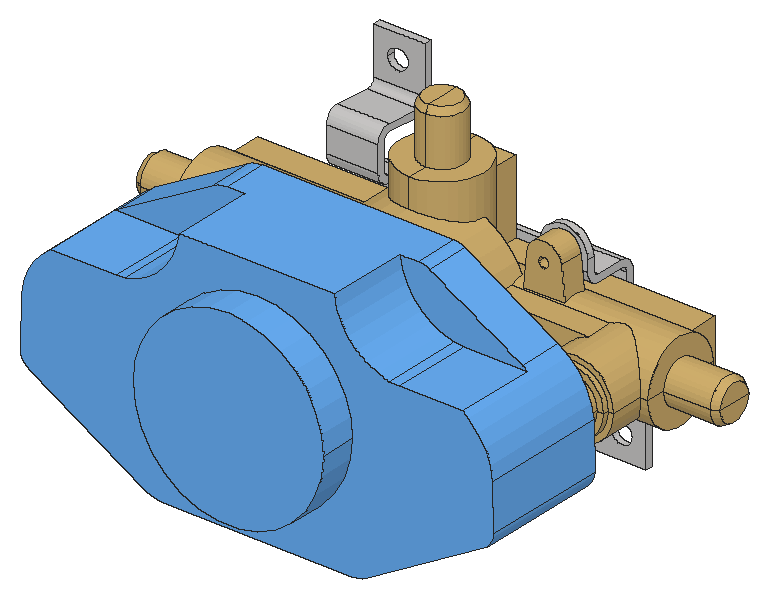
Revit family "29100001_35015001", category Plumbing Fixtures, host Face, Revit 2014
Parameters (values of type "35015001")
  Width = 6 13/16"
  Waste Connection = no
  Warranty Information = "Limited Lifetime Warranty"
  WFU = 4
  Vent Connection = no
  URL = "https://www.grohe.us"
  Tempered Water Connection Diameter = 1/2"
  Product Page URL = "https://www.grohe.us/en_us/universal-pressure-balance-rough-in-valve-35015001.html"
  Price = "Prices may vary. Please consult Manufacturer Representative for most up-to-date price list."  # constant formula
  Model = "35015001"
  Material = "Copper-Grohe-000-Brass"
  Manufacturer = "GROHE"
  Installation Type = "Wall Installation"
  IAPMO Compliance = "cUPC"
  Hot Water Connection Diameter = 1/2"
  Height = 4 1/8"
  HWFU = 3
  HW Connection = yes
  Flow Rate = "(top port) 5.5 gpm at 45 psi (21 l/min), (bottom port) 5.8 gpm at 45 psi (22 l/min)"
  Description = "Grohsafe Universal Pressure Balance Rough-In valve"
  Default Elevation = 0"
  Creation Date = "2017/05/19"  # constant formula
  Cold Water Connection Radius = 1/4"
  Cold Water Connection Diameter = Cold Water Connection Radius * 2  # 1/2"
  CWFU = 3
  CW Connection = yes
  Assembly Code = "D2020"
Reference planes (in)
  plane 1 "Center (Front/Back)": y = 0
  plane 2: z = 0
  plane 3 "Center (Left/Right)": x = 0
  plane 4: z = 1.59375
  plane 5: z = -1.84375
  plane 6: x = -3.40625
  plane 7: x = 3.40625
Forms (in)
  Revolve 1, solid, material "Copper-Grohe-000-Brass"
    sketch origin (0, 0, 0) x (1, 0, 0) y (0, 1, 0)
      loop
        line (-3.32759, 0.25) -> (-3.40625, 0.20458) -> (-3.40625, 0) -> (3.40625, 0) -> (3.40625, 0.20458) -> (3.32759, 0.25) -> (2.77437, 0.25) -> (2.77437, 0.46969) -> (-2.77437, 0.46969) -> (-2.77437, 0.25) -> (-3.32759, 0.25)
      axis (3.40625, 0) -> (-3.40625, 0)
    angle from 0 to 360
  Revolve 2, solid, material "Copper-Grohe-000-Brass"
    sketch origin (0, 0, 0) x (0, 1, 0) y (0, 0, 1)
      loop
        line (-0.20458, 2.01413) -> (-0.25, 1.93546) -> (-0.25, 1.38186) -> (-0.49152, 1.38186) -> (-0.49152, -1.38186) -> (-0.25, -1.38186) -> (-0.25, -1.93546) -> (-0.20458, -2.01413)
        arc (-0.20458, -2.01413) -> (-0.20876, -2.06656) -> (-0.16591, -2.09707) r 0.05332
        line (-0.16591, -2.09707) -> (0, -2.09707) -> (0, 2.01413) -> (-0.20458, 2.01413)
      axis (0, 2.01413) -> (0, -2.09707)
    angle from 0 to 360
  Extrusion 3, solid, material "Copper-Grohe-000-Brass"
    sketch origin (0, 0, 0) x (1, 0, 0) y (0, 0, 1)
      loop
        line (2.66787, 0.36072) -> (0.34261, 0.36072) -> (0.34261, 1.23355) -> (-0.34261, 1.23355) -> (-0.34261, 0.36072) -> (-2.66854, 0.36072) -> (-2.66854, -0.34458) -> (-0.34261, -0.34458) -> (-0.34261, -1.23355) -> (0.34261, -1.23355) -> (0.34261, -0.34458) -> (2.66787, -0.34458) -> (2.66787, 0.36072)
    from -0.63942 to -0.03594
  Revolve 4, solid, material "Copper-Grohe-000-Brass"
    sketch origin (0, 0, 0) x (1, 0, 0) y (0, 1, 0)
      loop
        line (-2.61064, -0.90857) -> (-2.52753, -0.90857) -> (-2.52753, -1.08893) -> (-2.49792, -1.10603) -> (-2.45285, -1.10603) -> (-2.39129, -1.14157) -> (-2.39129, -1.2403) -> (-2.22147, -1.2403) -> (-2.22147, 0) -> (-2.67976, 0) -> (-2.67976, -0.84933) -> (-2.61064, -0.84933) -> (-2.61064, -0.90857)
      axis (-2.22147, -1.2403) -> (-2.22147, 0)
    angle from 0 to 360
  Extrusion 5, solid, material "Copper-Grohe-000-Brass"
    sketch origin (0, 0, 0) x (1, 0, 0) y (0, 1, 0)
      loop
        line (-2.22147, -0.48266) -> (2.22147, -0.48266) -> (2.22147, 0) -> (-2.22147, 0) -> (-2.22147, -0.48266)
    from -0.41165 to 0.43914
  Extrusion 6, solid, material "Copper-Grohe-000-Brass"
    sketch origin (0, 0, 0) x (1, 0, 0) y (0, 0, 1)
      loop
        line (1.0315, 0) -> (1.57873, 0) -> (1.50598, 0.83147)
        arc (1.50598, 0.83147) -> (1.30511, 1.01553) -> (1.10424, 0.83147) r 0.20164
        line (1.10424, 0.83147) -> (1.0315, 0)
      loop
        circle (1.30326, 0.78986) r 0.05924
      loop
        line (-1.0315, 0) -> (-1.57873, 0) -> (-1.50598, -0.83147)
        arc (-1.50598, -0.83147) -> (-1.30511, -1.01553) -> (-1.10424, -0.83147) r 0.20164
        line (-1.10424, -0.83147) -> (-1.0315, 0)
      loop
        circle (-1.30326, -0.78986) r 0.05924
    from -0.13676 to 0.14667
  Extrusion 7, solid, material "Copper-Grohe-000-Brass"
    sketch origin (0, 0, 0) x (1, 0, 0) y (0, 0, 1)
      loop
        circle (0, 0) r 1.04162
    from 0 to 1.2403
  Extrusion 8, solid, material "Plastic-GROHE-Blue"
    sketch origin (0, 0, 0) x (1, 0, 0) y (0, 0, 1)
      loop
        arc (-1.10453, 1.4415) -> (-1.19275, 1.42989) -> (-1.27496, 1.39584) r 0.34087
        line (-1.27496, 1.39584) -> (-2.35789, 0.77061)
        arc (-2.35789, 0.77061) -> (-2.62889, 0.51251) -> (-2.75191, 0.15906) r 0.7956
        arc (-2.75191, 0.15906) -> (-2.76924, -0.13193) -> (-2.76441, -0.42339) r 3.834
        arc (-2.76441, -0.42339) -> (-2.73303, -0.524) -> (-2.65758, -0.59759) r 0.21487
        line (-2.65758, -0.59759) -> (-1.296, -1.38645)
        arc (-1.296, -1.38645) -> (-1.19721, -1.42751) -> (-1.09115, -1.44151) r 0.40863
        line (-1.09115, -1.44151) -> (1.10204, -1.44151)
        arc (1.10204, -1.44151) -> (1.19758, -1.42889) -> (1.28657, -1.39192) r 0.36809
        line (1.28657, -1.39192) -> (2.65034, -0.60178)
        arc (2.65034, -0.60178) -> (2.73135, -0.52268) -> (2.76488, -0.41452) r 0.23033
        arc (2.76488, -0.41452) -> (2.7694, -0.14012) -> (2.75428, 0.1339) r 3.834
        arc (2.75428, 0.1339) -> (2.62627, 0.50764) -> (2.34065, 0.78056) r 0.83416
        line (2.34065, 0.78056) -> (1.255, 1.40736)
        arc (1.255, 1.40736) -> (1.19354, 1.43282) -> (1.12757, 1.4415) r 0.25486
        line (1.12757, 1.4415) -> (-1.10453, 1.4415)
    from 1.2403 to 2.70549
  Extrusion 9, solid, material "Plastic-GROHE-Blue"
    sketch origin (0, 0, 0) x (1, 0, 0) y (0, 0, 1)
      loop
        circle (0, 0) r 1.10978
    from 1.56952 to 3.12366
  Extrusion 10, void
    sketch origin (0, 0, -0.03125) x (1, 0, 0) y (0, 0, 1)
      loop
        line (-0.92332, 1.74104) -> (-2.5331, 0.77379) -> (-1.65337, 0.77379)
        arc (-1.65337, 0.77379) -> (-1.59803, 0.77636) -> (-1.54316, 0.78407) r 0.59589
        arc (-1.54316, 0.78407) -> (-1.02811, 1.12969) -> (-0.92332, 1.74104) r 0.7871
      loop
        arc (0.92332, 1.74104) -> (1.02811, 1.12969) -> (1.54316, 0.78407) r 0.7871
        arc (1.54316, 0.78407) -> (1.59803, 0.77636) -> (1.65337, 0.77379) r 0.59589
        line (1.65337, 0.77379) -> (2.5331, 0.77379) -> (0.92332, 1.74104)
    from 1.75834 to 4.27974
  Extrusion 11, solid, material "Metal-Grohe-Stainless Steel"
    sketch origin (0, 0, 0) x (0, 1, 0) y (0, 0, 1)
      loop
        line (1.06607, 1.77717) -> (0.98709, 1.77717) -> (0.98709, 1.2166)
        arc (0.98709, 1.2166) -> (0.95965, 1.15426) -> (0.89515, 1.13236) r 0.08456
        line (0.89515, 1.13236) -> (0.46153, 1.1703)
        arc (0.46153, 1.1703) -> (0.34537, 1.13087) -> (0.29596, 1.01858) r 0.15229
        line (0.29596, 1.01858) -> (0.29596, 0.71479)
        arc (0.29596, 0.71479) -> (0.34338, 0.60031) -> (0.45785, 0.5529) r 0.16189
        line (0.45785, 0.5529) -> (0.62062, 0.5529)
        arc (0.62062, 0.5529) -> (0.68427, 0.52653) -> (0.71064, 0.46288) r 0.09002
        line (0.71064, 0.46288) -> (0.71064, -0.41165)
        arc (0.71064, -0.41165) -> (0.68662, -0.46964) -> (0.62863, -0.49366) r 0.08201
        line (0.62863, -0.49366) -> (0.30351, -0.49366)
        arc (0.30351, -0.49366) -> (0.18647, -0.54214) -> (0.13799, -0.65918) r 0.16552
        line (0.13799, -0.65918) -> (0.13799, -1.10361) -> (0.21698, -1.10361) -> (0.21698, -0.65903)
        arc (0.21698, -0.65903) -> (0.24228, -0.59795) -> (0.30336, -0.57264) r 0.08638
        line (0.30336, -0.57264) -> (0.62928, -0.57264)
        arc (0.62928, -0.57264) -> (0.74266, -0.52568) -> (0.78962, -0.4123) r 0.16034
        line (0.78962, -0.4123) -> (0.78962, 0.46666)
        arc (0.78962, 0.46666) -> (0.74123, 0.58349) -> (0.6244, 0.63188) r 0.16523
        line (0.6244, 0.63188) -> (0.46355, 0.63188)
        arc (0.46355, 0.63188) -> (0.4009, 0.65784) -> (0.37495, 0.72049) r 0.0886
        line (0.37495, 0.72049) -> (0.37495, 1.0005)
        arc (0.37495, 1.0005) -> (0.40411, 1.06676) -> (0.47266, 1.09004) r 0.08988
        line (0.47266, 1.09004) -> (0.88712, 1.05378)
        arc (0.88712, 1.05378) -> (1.01267, 1.09639) -> (1.06607, 1.21775) r 0.1646
        line (1.06607, 1.21775) -> (1.06607, 1.77717)
    from -1.58752 to -0.98823
  Extrusion 12, void
    sketch origin (0, 0, 0) x (1, 0, 0) y (0, 0, 1)
      loop
        circle (-1.3064, 1.49797) r 0.12011
      loop
        arc (-0.95226, -0.38918) -> (-1.01461, -0.4442) -> (-1.02984, -0.52595) r 0.12765
        line (-1.02984, -0.52595) -> (-1.02984, -0.78877)
        arc (-1.02984, -0.78877) -> (-1.30868, -1.06761) -> (-1.58752, -0.78877) r 0.27884
        line (-1.58752, -0.78877) -> (-1.58752, -0.54197) -> (-1.68319, -0.54197) -> (-1.68319, -1.16213) -> (-0.95226, -1.16213) -> (-0.95226, -0.38918)
      loop
        circle (-1.30326, -0.78986) r 0.15672
    from -1.33329 to -0.06554
  Extrusion 13, solid, material "Metal-Grohe-Stainless Steel"
    sketch origin (0, 0, 0) x (0, 1, 0) y (0, 0, -1)
      loop
        line (1.06607, 1.77717) -> (0.98709, 1.77717) -> (0.98709, 1.2166)
        arc (0.98709, 1.2166) -> (0.95965, 1.15426) -> (0.89515, 1.13236) r 0.08456
        line (0.89515, 1.13236) -> (0.46153, 1.1703)
        arc (0.46153, 1.1703) -> (0.34537, 1.13087) -> (0.29596, 1.01858) r 0.15229
        line (0.29596, 1.01858) -> (0.29596, 0.71479)
        arc (0.29596, 0.71479) -> (0.34338, 0.60031) -> (0.45785, 0.5529) r 0.16189
        line (0.45785, 0.5529) -> (0.62062, 0.5529)
        arc (0.62062, 0.5529) -> (0.68427, 0.52653) -> (0.71064, 0.46288) r 0.09002
        line (0.71064, 0.46288) -> (0.71064, -0.41165)
        arc (0.71064, -0.41165) -> (0.68662, -0.46964) -> (0.62863, -0.49366) r 0.08201
        line (0.62863, -0.49366) -> (0.30351, -0.49366)
        arc (0.30351, -0.49366) -> (0.18647, -0.54214) -> (0.13799, -0.65918) r 0.16552
        line (0.13799, -0.65918) -> (0.13799, -1.10361) -> (0.21698, -1.10361) -> (0.21698, -0.65903)
        arc (0.21698, -0.65903) -> (0.24228, -0.59795) -> (0.30336, -0.57264) r 0.08638
        line (0.30336, -0.57264) -> (0.62928, -0.57264)
        arc (0.62928, -0.57264) -> (0.74266, -0.52568) -> (0.78962, -0.4123) r 0.16034
        line (0.78962, -0.4123) -> (0.78962, 0.46666)
        arc (0.78962, 0.46666) -> (0.74123, 0.58349) -> (0.6244, 0.63188) r 0.16523
        line (0.6244, 0.63188) -> (0.46355, 0.63188)
        arc (0.46355, 0.63188) -> (0.4009, 0.65784) -> (0.37495, 0.72049) r 0.0886
        line (0.37495, 0.72049) -> (0.37495, 1.0005)
        arc (0.37495, 1.0005) -> (0.40411, 1.06676) -> (0.47266, 1.09004) r 0.08988
        line (0.47266, 1.09004) -> (0.88712, 1.05378)
        arc (0.88712, 1.05378) -> (1.01267, 1.09639) -> (1.06607, 1.21775) r 0.1646
        line (1.06607, 1.21775) -> (1.06607, 1.77717)
    from -1.58752 to -0.98823
  Extrusion 14, void
    sketch origin (0, 0, 0) x (-1, 0, 0) y (0, 0, -1)
      loop
        circle (-1.3064, 1.49797) r 0.12011
      loop
        arc (-0.95226, -0.38918) -> (-1.01461, -0.4442) -> (-1.02984, -0.52595) r 0.12765
        line (-1.02984, -0.52595) -> (-1.02984, -0.78877)
        arc (-1.02984, -0.78877) -> (-1.30868, -1.06761) -> (-1.58752, -0.78877) r 0.27884
        line (-1.58752, -0.78877) -> (-1.58752, -0.54197) -> (-1.68319, -0.54197) -> (-1.68319, -1.16213) -> (-0.95226, -1.16213) -> (-0.95226, -0.38918)
      loop
        circle (-1.30326, -0.78986) r 0.15672
    from -1.33329 to -0.06554
  Extrusion 15, solid, material "Metal-Grohe-Stainless Steel"
    sketch origin (0, 0, 0) x (1, 0, 0) y (0, 0, 1)
      loop
        line (1.08831, 0.41165) -> (-1.07848, 0.41165) -> (-1.07848, -0.41165) -> (1.08831, -0.41165) -> (1.08831, 0.41165)
    from -0.78962 to -0.71064
  Revolve 16, solid, material "Copper-Grohe-000-Brass"
    sketch origin (0, 0, 0) x (-1, 0, 0) y (0, 1, 0)
      loop
        line (-2.61064, -0.90857) -> (-2.52753, -0.90857) -> (-2.52753, -1.08893) -> (-2.49792, -1.10603) -> (-2.45285, -1.10603) -> (-2.39129, -1.14157) -> (-2.39129, -1.2403) -> (-2.22147, -1.2403) -> (-2.22147, 0) -> (-2.67976, 0) -> (-2.67976, -0.84933) -> (-2.61064, -0.84933) -> (-2.61064, -0.90857)
      axis (-2.22147, -1.2403) -> (-2.22147, 0)
    angle from 0 to 360
Cuts and joins
  Extrusion 10, Extrusion 12 cuts Extrusion 8
  Extrusion 12 cuts Extrusion 9
  joined: Extrusion 8, Extrusion 9
  Extrusion 10 cuts Revolve 1
  Extrusion 10, Extrusion 14 cuts Revolve 2
  Extrusion 10, Extrusion 14 cuts Extrusion 3
  Extrusion 10, Extrusion 14 cuts Extrusion 5
  Extrusion 10, Extrusion 14 cuts Extrusion 6
  Extrusion 12 cuts Extrusion 7
  joined: Revolve 1, Revolve 2, Extrusion 3, Revolve 4, Extrusion 5, Extrusion 6, Extrusion 7, Revolve 16
  Extrusion 12, Extrusion 14 cuts Extrusion 11
  Extrusion 14 cuts Extrusion 13
  joined: Extrusion 11, Extrusion 13, Extrusion 15
Dimensions and locks (in)
  equal spacing: plane 6, plane 3 "Center (Left/Right)", plane 7
  "Width": plane 6 to plane 7
  cut or joined group 1 (Revolve 1, Revolve 2, Extrusion 3, Revolve 4, Extrusion 5, Extrusion 6, Extrusion 7, Extrusion 10, Extrusion 12, Extrusion 14, Revolve 16) to cut or joined group 1 = 4.1112"
Automatic sketch dimensions
  Extrusion 3 sketch curve to level = 0.34458"  (x2)
  plane 6 to Extrusion 3 sketch curve = 0.73771"
  Extrusion 3 sketch curve to plane 3 "Center (Left/Right)" = 0.34261"  (x2)
  plane 3 "Center (Left/Right)" to Extrusion 3 sketch curve = 0.34261"  (x2)
  plane 7 to Extrusion 3 sketch curve = 0.73838"
  plane 5 to Extrusion 3 sketch curve = 0.6102"
  level to Extrusion 3 sketch curve = 0.36072"  (x2)
  Extrusion 3 sketch curve to plane 4 = 0.3602"
  plane 1 "Center (Front/Back)" to Revolve 4 sketch curve = 0"
  plane 6 to Revolve 4 sketch curve = 0.72649"
  Revolve 4 sketch curve to Revolve 4 sketch curve = 0.06911"
  Revolve 4 sketch curve to Revolve 4 sketch curve = 0.08312"
  Revolve 4 sketch curve to Revolve 4 sketch curve = 0.02961"
  Revolve 4 sketch curve to Revolve 4 sketch curve = 0.04507"
  Revolve 4 sketch curve to Revolve 4 sketch curve = 0.06156"
  Revolve 4 sketch curve to Revolve 4 sketch curve = 0.45829"
  plane 1 "Center (Front/Back)" to Revolve 4 sketch curve = 0.84933"
  Revolve 4 sketch curve to Revolve 4 sketch curve = 0.05924"
  Revolve 4 sketch curve to Revolve 4 sketch curve = 0.18037"
  Revolve 4 sketch curve to Revolve 4 sketch curve = 0.0171"
  Revolve 4 sketch curve to Revolve 4 sketch curve = 0.03554"
  Revolve 4 sketch curve to Revolve 4 sketch curve = 0.09873"
  Revolve 4 sketch curve to Revolve 4 sketch curve = 0"
  Revolve 4 sketch curve to Revolve 4 sketch curve = 0.08708"
  Revolve 4 sketch curve to plane 1 "Center (Front/Back)" = 1.03973"
  plane 1 "Center (Front/Back)" to Extrusion 5 sketch curve = 0"
  plane 6 to Extrusion 5 sketch curve = 1.18478"
  plane 7 to Extrusion 5 sketch curve = 1.18478"
  Extrusion 5 sketch curve to Extrusion 5 sketch curve = 0.48266"
  Extrusion 6 sketch curve to level = 0"  (x2)
  Extrusion 6 sketch curve to plane 3 "Center (Left/Right)" = 1.57873"
  Extrusion 6 sketch curve to Extrusion 6 sketch curve = 0.07274"  (x2)
  Extrusion 6 sketch curve to Extrusion 6 sketch curve = 0.20087"  (x3)
  Extrusion 6 sketch curve to Extrusion 6 sketch curve = 0.00185"  (x2)
  Extrusion 6 sketch curve to level = 0.83147"
  Extrusion 6 sketch curve to Extrusion 6 sketch curve = 0.54723"  (x2)
  plane 3 "Center (Left/Right)" to Extrusion 6 sketch curve = 1.0315"
  Extrusion 6 sketch curve to Extrusion 6 sketch curve = 0.19902"
  Extrusion 6 sketch curve to plane 4 = 0.76228"
  Extrusion 6 sketch curve to Extrusion 6 sketch curve = 0.01757"
  Extrusion 6 sketch curve to Extrusion 6 sketch curve = 0.02404"  (x2)
  Extrusion 6 sketch curve to Extrusion 6 sketch curve = 0.04161"
  Extrusion 7 sketch curve to level = 0"
  Extrusion 7 sketch curve to plane 3 "Center (Left/Right)" = 0"
  plane 6 to Extrusion 8 sketch curve = 0.74867"
  Extrusion 8 sketch curve to Extrusion 8 sketch curve = 0.10772"
  plane 6 to Extrusion 8 sketch curve = 1.04836"
  level to Extrusion 8 sketch curve = 0.0816"
  Extrusion 8 sketch curve to Extrusion 8 sketch curve = 0.58977"
  plane 5 to Extrusion 8 sketch curve = 0.4573"
  Extrusion 8 sketch curve to plane 3 "Center (Left/Right)" = 1.296"
  Extrusion 8 sketch curve to plane 4 = 0.19791"
  Extrusion 8 sketch curve to Extrusion 8 sketch curve = 1.08292"
  Extrusion 8 sketch curve to plane 4 = 0.15225"
  Extrusion 8 sketch curve to Extrusion 8 sketch curve = 0.17044"
  Extrusion 8 sketch curve to Extrusion 8 sketch curve = 0.20485"
  Extrusion 8 sketch curve to level = 0.21421"  (x2)
  Extrusion 8 sketch curve to Extrusion 8 sketch curve = 0.02726"
  plane 3 "Center (Left/Right)" to Extrusion 8 sketch curve = 1.06388"
  plane 3 "Center (Left/Right)" to Extrusion 8 sketch curve = 1.10204"
  Extrusion 8 sketch curve to plane 4 = 0.4071"
  plane 3 "Center (Left/Right)" to Extrusion 8 sketch curve = 1.12757"
  Extrusion 8 sketch curve to plane 4 = 0.18639"
  plane 5 to Extrusion 8 sketch curve = 0.45183"
  Extrusion 8 sketch curve to Extrusion 8 sketch curve = 0.18453"
  level to Extrusion 8 sketch curve = 0.05816"
  Extrusion 8 sketch curve to Extrusion 8 sketch curve = 0.85969"
  Extrusion 8 sketch curve to Extrusion 8 sketch curve = 0.41708"
  Extrusion 8 sketch curve to Extrusion 8 sketch curve = 0.6113"
  Extrusion 8 sketch curve to Extrusion 8 sketch curve = 0.11547"
  Extrusion 8 sketch curve to Extrusion 8 sketch curve = 0.04959"
  Extrusion 8 sketch curve to level = 0.60178"
  Extrusion 8 sketch curve to level = 0.59759"
  Extrusion 8 sketch curve to Extrusion 8 sketch curve = 0.18592"
  Extrusion 8 sketch curve to Extrusion 8 sketch curve = 0.19929"
  level to Extrusion 8 sketch curve = 0.77061"
  level to Extrusion 8 sketch curve = 0.78056"
  Extrusion 8 sketch curve to Extrusion 8 sketch curve = 0"  (x2)
  Extrusion 9 sketch curve to level = 0"
  Extrusion 9 sketch curve to plane 3 "Center (Left/Right)" = 0"
  plane 6 to Extrusion 10 sketch curve = 0.87315"
  Extrusion 10 sketch curve to plane 4 = 0.06741"  (x2)
  Extrusion 10 sketch curve to Extrusion 10 sketch curve = 0.84436"
  level to Extrusion 10 sketch curve = 0.74254"  (x2)
  Extrusion 10 sketch curve to Extrusion 10 sketch curve = 0.03537"  (x2)
  plane 4 to Extrusion 10 sketch curve = 0.11604"  (x2)
  Extrusion 10 sketch curve to Extrusion 10 sketch curve = 0.76542"
  plane 3 "Center (Left/Right)" to Extrusion 10 sketch curve = 0.92332"
  Extrusion 10 sketch curve to plane 4 = 0.25532"
  Extrusion 10 sketch curve to Extrusion 10 sketch curve = 0.73006"
  plane 7 to Extrusion 10 sketch curve = 0.87315"
  Extrusion 10 sketch curve to Extrusion 10 sketch curve = 0.18791"
  Extrusion 11 sketch curve to plane 1 "Center (Front/Back)" = 0.13799"
  Extrusion 11 sketch curve to Extrusion 11 sketch curve = 0.07899"  (x4)
  Extrusion 11 sketch curve to plane 1 "Center (Front/Back)" = 0.29596"
  Extrusion 11 sketch curve to Extrusion 11 sketch curve = 0.08638"
  Extrusion 11 sketch curve to Extrusion 11 sketch curve = 0.00015"
  Extrusion 11 sketch curve to Extrusion 11 sketch curve = 0.07331"
  Extrusion 11 sketch curve to Extrusion 11 sketch curve = 0.0829"
  Extrusion 11 sketch curve to Extrusion 11 sketch curve = 0.01327"
  Extrusion 11 sketch curve to Extrusion 11 sketch curve = 0.0057"  (x2)
  Extrusion 11 sketch curve to Extrusion 11 sketch curve = 0.01657"
  Extrusion 11 sketch curve to Extrusion 11 sketch curve = 0.02441"
  Extrusion 11 sketch curve to Extrusion 11 sketch curve = 0.16276"
  Extrusion 11 sketch curve to Extrusion 11 sketch curve = 0.00378"
  Extrusion 11 sketch curve to Extrusion 11 sketch curve = 0.32512"
  Extrusion 11 sketch curve to Extrusion 11 sketch curve = 0.00065"  (x2)
  Extrusion 11 sketch curve to Extrusion 11 sketch curve = 0.08136"
  Extrusion 11 sketch curve to Extrusion 11 sketch curve = 0.41446"
  Extrusion 11 sketch curve to Extrusion 11 sketch curve = 0.00803"
  Extrusion 11 sketch curve to Extrusion 11 sketch curve = 0.00632"
  Extrusion 11 sketch curve to Extrusion 11 sketch curve = 0.00105"
  plane 4 to Extrusion 11 sketch curve = 0.18342"
  Extrusion 11 sketch curve to Extrusion 11 sketch curve = 0.08562"
  Extrusion 11 sketch curve to plane 4 = 0.376"
  Extrusion 11 sketch curve to Extrusion 11 sketch curve = 0.00115"
  Extrusion 11 sketch curve to plane 4 = 0.42345"
  Extrusion 11 sketch curve to Extrusion 11 sketch curve = 0.07145"
  Extrusion 11 sketch curve to Extrusion 11 sketch curve = 0.28001"
  Extrusion 11 sketch curve to level = 0.41165"
  Extrusion 11 sketch curve to Extrusion 11 sketch curve = 0.44458"
  Extrusion 12 sketch curve to level = 0.54197"
  Extrusion 12 sketch curve to plane 3 "Center (Left/Right)" = 1.68319"
  Extrusion 12 sketch curve to Extrusion 12 sketch curve = 0.09567"
  Extrusion 12 sketch curve to Extrusion 12 sketch curve = 0.27884"
  Extrusion 12 sketch curve to plane 4 = 0.09578"
  Extrusion 12 sketch curve to plane 3 "Center (Left/Right)" = 1.3064"
  Extrusion 12 sketch curve to Extrusion 12 sketch curve = 0.00542"
  Extrusion 12 sketch curve to Extrusion 12 sketch curve = 0.07757"
  Extrusion 12 sketch curve to Extrusion 12 sketch curve = 0.12626"
  Extrusion 12 sketch curve to Extrusion 12 sketch curve = 0.24679"
  Extrusion 12 sketch curve to Extrusion 12 sketch curve = 0.00109"
  Extrusion 12 sketch curve to Extrusion 12 sketch curve = 0.37336"
  Extrusion 12 sketch curve to Extrusion 12 sketch curve = 0.26282"
  Extrusion 12 sketch curve to Extrusion 12 sketch curve = 0.01877"
  Extrusion 13 sketch curve to plane 1 "Center (Front/Back)" = 0.13799"
  Extrusion 13 sketch curve to Extrusion 13 sketch curve = 0.07899"  (x4)
  Extrusion 13 sketch curve to plane 1 "Center (Front/Back)" = 0.29596"
  Extrusion 13 sketch curve to Extrusion 13 sketch curve = 0.08638"
  Extrusion 13 sketch curve to Extrusion 13 sketch curve = 0.00015"
  Extrusion 13 sketch curve to Extrusion 13 sketch curve = 0.07331"
  Extrusion 13 sketch curve to Extrusion 13 sketch curve = 0.0829"
  Extrusion 13 sketch curve to Extrusion 13 sketch curve = 0.01327"
  Extrusion 13 sketch curve to Extrusion 13 sketch curve = 0.0057"  (x2)
  Extrusion 13 sketch curve to Extrusion 13 sketch curve = 0.01657"
  Extrusion 13 sketch curve to Extrusion 13 sketch curve = 0.02441"
  Extrusion 13 sketch curve to Extrusion 13 sketch curve = 0.16276"
  Extrusion 13 sketch curve to Extrusion 13 sketch curve = 0.00378"
  Extrusion 13 sketch curve to Extrusion 13 sketch curve = 0.32512"
  Extrusion 13 sketch curve to Extrusion 13 sketch curve = 0.00065"  (x2)
  Extrusion 13 sketch curve to Extrusion 13 sketch curve = 0.08136"
  Extrusion 13 sketch curve to Extrusion 13 sketch curve = 0.41446"
  Extrusion 13 sketch curve to Extrusion 13 sketch curve = 0.00803"
  Extrusion 13 sketch curve to Extrusion 13 sketch curve = 0.00632"
  Extrusion 13 sketch curve to Extrusion 13 sketch curve = 0.00105"
  plane 5 to Extrusion 13 sketch curve = 0.06658"
  Extrusion 13 sketch curve to Extrusion 13 sketch curve = 0.08562"
  Extrusion 13 sketch curve to Extrusion 13 sketch curve = 0.55942"
  Extrusion 13 sketch curve to Extrusion 13 sketch curve = 0.00115"
  Extrusion 13 sketch curve to Extrusion 13 sketch curve = 0.03794"
  Extrusion 13 sketch curve to Extrusion 13 sketch curve = 0.07145"
  Extrusion 13 sketch curve to Extrusion 13 sketch curve = 0.28001"
  level to Extrusion 13 sketch curve = 0.41165"
  Extrusion 13 sketch curve to Extrusion 13 sketch curve = 0.44458"
  level to Extrusion 14 sketch curve = 0.54197"
  plane 3 "Center (Left/Right)" to Extrusion 14 sketch curve = 1.68319"
  Extrusion 14 sketch curve to Extrusion 14 sketch curve = 0.09567"
  Extrusion 14 sketch curve to Extrusion 14 sketch curve = 0.27884"
  plane 5 to Extrusion 14 sketch curve = 0.34578"
  plane 3 "Center (Left/Right)" to Extrusion 14 sketch curve = 1.3064"
  Extrusion 14 sketch curve to Extrusion 14 sketch curve = 0.00542"
  Extrusion 14 sketch curve to Extrusion 14 sketch curve = 0.07757"
  Extrusion 14 sketch curve to Extrusion 14 sketch curve = 0.12626"
  Extrusion 14 sketch curve to Extrusion 14 sketch curve = 0.24679"
  Extrusion 14 sketch curve to Extrusion 14 sketch curve = 0.00109"
  Extrusion 14 sketch curve to Extrusion 14 sketch curve = 0.37336"
  Extrusion 14 sketch curve to Extrusion 14 sketch curve = 0.26282"
  Extrusion 14 sketch curve to Extrusion 14 sketch curve = 0.01877"
  level to Extrusion 15 sketch curve = 0.41165"
  Extrusion 15 sketch curve to plane 3 "Center (Left/Right)" = 1.07848"
  Extrusion 15 sketch curve to level = 0.41165"
  plane 3 "Center (Left/Right)" to Extrusion 15 sketch curve = 1.08831"
  plane 1 "Center (Front/Back)" to Revolve 16 sketch curve = 0"
  Revolve 16 sketch curve to plane 7 = 0.72649"
  Revolve 16 sketch curve to Revolve 16 sketch curve = 0.06911"
  Revolve 16 sketch curve to Revolve 16 sketch curve = 0.08312"
  Revolve 16 sketch curve to Revolve 16 sketch curve = 0.02961"
  Revolve 16 sketch curve to Revolve 16 sketch curve = 0.04507"
  Revolve 16 sketch curve to Revolve 16 sketch curve = 0.06156"
  Revolve 16 sketch curve to Revolve 16 sketch curve = 0.45829"
  Revolve 16 sketch curve to plane 1 "Center (Front/Back)" = 0.84933"
  Revolve 16 sketch curve to Revolve 16 sketch curve = 0.05924"
  Revolve 16 sketch curve to Revolve 16 sketch curve = 0.18037"
  Revolve 16 sketch curve to Revolve 16 sketch curve = 0.0171"
  Revolve 16 sketch curve to Revolve 16 sketch curve = 0.03554"
  Revolve 16 sketch curve to Revolve 16 sketch curve = 0.09873"
  Revolve 16 sketch curve to Revolve 16 sketch curve = 0"
  Revolve 16 sketch curve to Revolve 16 sketch curve = 0.08708"
  plane 1 "Center (Front/Back)" to Revolve 16 sketch curve = 1.03973"
  plane 1 "Center (Front/Back)" to Revolve 1 sketch curve = 0"  (x2)
  Revolve 1 sketch curve to plane 6 = 0"
  Revolve 1 sketch curve to plane 7 = 0"
  plane 6 to Revolve 1 sketch curve = 0.07866"
  Revolve 1 sketch curve to plane 1 "Center (Front/Back)" = 1/4"  (x2)
  Revolve 1 sketch curve to Revolve 1 sketch curve = 0.55322"
  plane 7 to Revolve 1 sketch curve = 0.63188"
  plane 7 to Revolve 1 sketch curve = 0.07866"
  Revolve 1 sketch curve to plane 1 "Center (Front/Back)" = 0.20458"
  Revolve 1 sketch curve to Revolve 1 sketch curve = 0.04542"
  Revolve 1 sketch curve to Revolve 1 sketch curve = 0.21969"
  Revolve 1 sketch curve to Revolve 1 sketch curve = 0.35588"
  Revolve 1 sketch curve to Revolve 1 sketch curve = 0.6161"
  Revolve 2 sketch curve to plane 1 "Center (Front/Back)" = 0"  (x2)
  plane 1 "Center (Front/Back)" to Revolve 2 sketch curve = 0.16043"
  Revolve 2 sketch curve to Revolve 2 sketch curve = 0.00548"
  plane 1 "Center (Front/Back)" to Revolve 2 sketch curve = 0.20458"
  Revolve 2 sketch curve to plane 5 = 0.17038"
  Revolve 2 sketch curve to Revolve 2 sketch curve = 0.04415"
  Revolve 2 sketch curve to Revolve 2 sketch curve = 0.04542"
  Revolve 2 sketch curve to Revolve 2 sketch curve = 0.24152"  (x2)
  Revolve 2 sketch curve to Revolve 2 sketch curve = 0.0299"
  Revolve 2 sketch curve to Revolve 2 sketch curve = 0.07867"  (x2)
  plane 5 to Revolve 2 sketch curve = 0.46189"
  Revolve 2 sketch curve to plane 4 = 0.21189"
  plane 4 to Revolve 2 sketch curve = 0.34171"
  Revolve 2 sketch curve to Revolve 2 sketch curve = 0.29509"
  Revolve 2 sketch curve to Revolve 2 sketch curve = 0.6856"
  radius of Extrusion 6 sketch curve = 0.05924"  (x2)
  radius of Extrusion 7 sketch curve = 1.04162"
  radius of Extrusion 9 sketch curve = 1.10978"
  radius of Extrusion 12 sketch curve = 0.12011"
  radius of Extrusion 12 sketch curve = 0.15672"
  radius of Extrusion 14 sketch curve = 0.12011"
  radius of Extrusion 14 sketch curve = 0.15672"
Connectors (in)
  piping at (0, 0, 2.01413), diameter 0.5, driven by "Tempered Water Connection Diameter"
    settings: on cut or joined group 1, index 1, connector inside diameter 24", connector length 0", flow factor 0, pipe flow 0 GPM, pressure drop 0.00 psi, fitting loss kfactor 0, connector angle 0.00°, fixture units 0, engagement length 0", angle of deflection 0.00°, flow configuration 0, flow direction 2, fitting loss method 0, system type 29, joint type 0, gender type 0, connector reference index -1, connector utility 0, adjustable connector no, is connector primary yes, connector description "1/2\" NPT Supply Outlet"
  piping at (3.40625, 0, 0), diameter 0.5, driven by "Cold Water Connection Diameter", driven by "CWFU"
    settings: on cut or joined group 1, index 2, connector inside diameter 24", connector length 0", flow factor 0, pipe flow 0 GPM, pressure drop 0.00 psi, fitting loss kfactor 0, connector angle 0.00°, fixture units 3, engagement length 0", angle of deflection 0.00°, flow configuration 3, flow direction 1, fitting loss method 0, system type 20, joint type 0, gender type 0, connector reference index -1, connector utility 0, adjustable connector no, is connector primary no, connector description "1/2\" NPT CW Inlet"
  piping at (-3.40625, 0, 0), diameter 0.5, driven by "Hot Water Connection Diameter", driven by "HWFU"
    settings: on cut or joined group 1, index 3, connector inside diameter 24", connector length 0", flow factor 0, pipe flow 0 GPM, pressure drop 0.00 psi, fitting loss kfactor 0, connector angle 0.00°, fixture units 3, engagement length 0", angle of deflection 0.00°, flow configuration 3, flow direction 1, fitting loss method 0, system type 19, joint type 0, gender type 0, connector reference index -1, connector utility 0, adjustable connector no, is connector primary no, connector description "1/2\" NPT HW Inlet"
  piping at (0, 0, -2.09707), diameter 0.5, driven by "Tempered Water Connection Diameter"
    settings: on cut or joined group 1, index 4, connector inside diameter 24", connector length 0", flow factor 0, pipe flow 0 GPM, pressure drop 0.00 psi, fitting loss kfactor 0, connector angle 0.00°, fixture units 0, engagement length 0", angle of deflection 0.00°, flow configuration 0, flow direction 2, fitting loss method 0, system type 29, joint type 0, gender type 0, connector reference index -1, connector utility 0, adjustable connector no, is connector primary no, connector description "1/2\" NPT Supply Outlet"
Types in the file's own list only (2): name | Width | Warranty Documentation Link | URL | Tempered Connection Radius | Tempered Connection Diameter | Product Page URL | Model | Material | Length | Installation Type | Hot Water Connection Radius | Hot Water Connection Diameter | Height | Finish | Description | Default Elevation | Creation Date | Assembly Code | ADA Compliant | Flow Rate
  29100001 | 7 5/16" | "https://cdn.cloud.grohe.com/tpi/1000/1900/1940/1949/1949006/original/1949006.pdf" | "https://www.grohe.us/" | 1/4" | 1/2" | "https://www.grohe.us/en_us/grohe-concetto-pressure-balance-valve-trim-29100001.html" | "29100001" | "Metal-Grohe-001-Chrome" | 2 15/16" | "Wall Mounted" | 1/4" | 1" | 40" | Metal-Grohe-001-Chrome | "Concetto Pressure Balance Valve Trim" | 44" | "06/16/2017" | "D2010710" | No | 
  35010EN1 | 6 11/16" | "https://cdn.cloud.grohe.com/tpi/1000/1900/1940/1949/1949006/original/1949006.pdf" | "https://www.grohe.com" | 1/4" | 1/2" | "https://www.grohe.ca/en_ca/pressure-balance-valve-shower-combination-35010EN1.html" | "35010EN1" | "Metal-Grohe-EN1-Brushed Nickel" | 2 15/16" | "Wall Mounted" | 1/4" | 1" | 40" | Metal-Grohe-EN1-Brushed Nickel | "Concetto Pressure Balance Valve Shower Combination" | 44" | "06/16/2017" | "D2010710" | No | "5.3 gpm (20 L/min)"
